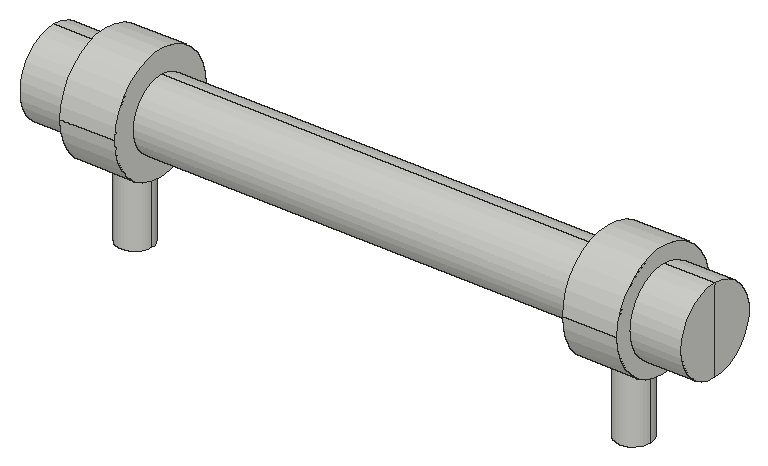
Revit family "H30-persona-pull-revit-family", category Furniture, Revit 2022
Family settings
  Work Plane-Based = Yes
  Always vertical = No
  Cut with Voids When Loaded = No
  Render Appearance Source = Family Geometry
  Shared = No
  Room Calculation Point = No
Parameters (values of type "H30-5, Persona Pull")
  URL = "https://www.duttonbrown.com/products/persona-pull-hardware"
  SKU number = "H30-5"
  Model = "Persona Pull"
  Manufacturer = "Dutton Brown"
  Length(calc) = 3.22835"
  Height = 0.000"
  Finish Options [instance] = Dutton Brown - Finish - Nickel
  Default Elevation = 48.000"
Types (4): name | URL | SKU number | Length(calc)
  (no name) | "https://www.duttonbrown.com/products/persona-pull-hardware" | "H30-5" | 3.22835"
  H30-5, Persona Pull | "https://www.duttonbrown.com/products/persona-pull-hardware" | "H30-5" | 3.22835"
  H30-7, Persona Pull | "https://www.duttonbrown.com/products/persona-pull-hardware?variant=32096107233362" | "H30-7" | 5.197"
  H30-13, Persona Pull | "https://www.duttonbrown.com/products/persona-pull-hardware?variant=32096107266130" | "H30-13" | 11.221"
Reference planes (in)
  plane 1 "Center (Front/Back)": y = 0
  plane 2: z = 0
  plane 3 "Center (Left/Right)": x = 0
  plane 4: x = -1.61417
  plane 5: x = 1.61417
Forms (in)
  Revolve 1, solid, material "Dutton Brown - Finish - Nickel" <- "Finish Options"
    sketch origin (-1.78122, 0, 1.30185) x (-1, 0, 0) y (0, 0, -1)
      loop
        line (-0.16705, 0.41307) -> (-0.16705, 0.66387) -> (-3.3954, 0.66387) -> (-3.3954, 0.41307) -> (-0.16705, 0.41307)
      axis (-0.16705, 0.41307) -> (-3.3954, 0.41307)
    angle from 0 to 360
Dimensions and locks (in)
  equal spacing: plane 4, plane 3 "Center (Left/Right)", plane 5
  "Length(calc)": plane 4 to plane 5
  aligned and locked: level to plane 2
  aligned and locked: Revolve 1 to plane 4
  aligned and locked: Revolve 1 to plane 5
  aligned and locked: nested 1 to plane 4
  aligned and locked: nested 2 to plane 5
Automatic sketch dimensions
  plane 5 to Revolve 1 sketch curve = 0.000"
  plane 4 to Revolve 1 sketch curve = 0.000"  (x2)
  level to Revolve 1 sketch curve = 0.88878"
  Revolve 1 sketch curve to Revolve 1 sketch curve = 0.25079"
  Revolve 1 sketch curve to Revolve 1 sketch curve = 0.68185"
  Revolve 1 sketch curve to Revolve 1 sketch curve = 0.000"
Nested families (in)
  nested 1: "Dutton Brown Hardware" at (-1.61417, 0, 0), Finish Options <- "Finish Options", type "Dutton Brown Hardware"
    with Finish Options Dutton Brown - Finish - Nickel
  nested 2: "Dutton Brown Hardware" at (1.61417, 0, 0) x (-1, 0, 0) z (0, 0, 1), Finish Options <- "Finish Options", type "Dutton Brown Hardware"
    with Finish Options Dutton Brown - Finish - Nickel
Definition of nested family "Dutton Brown Hardware"
  Parameters (values of type "Family1")
    Finish Options [instance] = none
    Default Elevation = 0.000"
  Reference planes (in)
    plane 1 "Center (Front/Back)": y = 0
    plane 2: z = 0
    plane 3 "Center (Left/Right)": x = 0
  Forms (in)
    Revolve 1, solid, material <- "Finish Options"
      sketch origin (-0.93477, 0, 1.30185) x (-1, 0, 0) y (0, 0, -1)
        loop
          line (-0.16705, 0.41307) -> (-0.16705, 0.71622) -> (-0.54107, 0.71622) -> (-0.54107, 0.41307) -> (-0.16705, 0.41307)
        axis (-0.16705, 0.41307) -> (-0.54107, 0.41307)
      angle from 0 to 360
    Extrusion 2, void
      sketch origin (-0.16705, 0, -0.69492) x (0, 1, 0) y (-1, 0, 0)
        loop
          circle (0, 0.01636) r 0.06696
      from -1.10553 to 1.19509
    Revolve 3, solid, material <- "Finish Options"
      sketch origin (-0.16705, 0, 1.30185) x (-1, 0, 0) y (0, 0, -1)
        loop
          line (0.01636, 1.30185) -> (-0.10639, 1.30185) -> (-0.10639, 0.80168) -> (0.01636, 0.80168) -> (0.01636, 1.30185)
        axis (0.01636, 0.80168) -> (0.01636, 1.30185)
      angle from 0 to 360
    Extrusion 4, solid, material <- "Finish Options"
      sketch origin (-0.16705, 0, 1.30185) x (0, 1, 0) y (0, 0, -1)
        loop
          circle (0, 0.41307) r 0.41261
      from -0.16705 to 0.22665
  Cuts and joins
    Extrusion 2 cuts Revolve 3
    joined: Revolve 3, Extrusion 4
  Dimensions and locks (in)
    aligned and locked: level to plane 2
